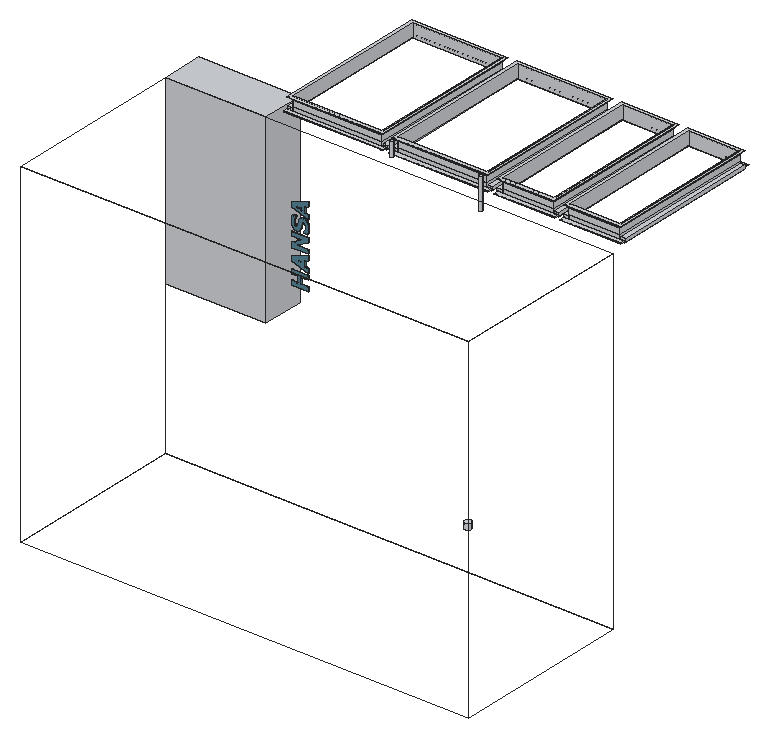
Revit family "KL-P-034-iK-R", category HLS-Bauteile, Revit 2020
Family settings
  Bemaßung runder Anschluss = Durchmesser verwenden
  Klassifizierung = Keine
  Teiletyp = Normal
  Arbeitsebenenbasiert = Nein
  Immer vertikal = Ja
  Beim Laden mit Abzugskörper schneiden = Nein
  Gemeinsam genutzt = Nein
  Raumberechnungspunkt = Nein
Parameters
  Zuluftbreite [instance] = 530 mm  # constant formula
  Vorgabe-Ansicht = 0 mm
  TyS [instance] = size_lookup("TyS_Hansa_KL_P", "", "ND", RLT_Serie, Gehaeuserichtung, Gehaeuseausfuehrung, RLT_MSR_KZ)  # "KL-P-034-iK-R-eCS"
  Schaltschrankbreite [instance] = 600 mm
  Schaltschrank_montiert [instance] = yes
  SSaG [instance] = and(or(Regelung SAIA, Regelung OJ), Schaltschrank_montiert)  # yes
  Regelung SAIA [instance] = yes
  Regelung OJ [instance] = no
  RLT_Volumenstrom_max = 3400 m³/h  # constant formula
  RLT_Volumenstrom_Unit_2 [instance] = 3400 m³/h
  RLT_Volumenstrom_Unit_1 [instance] = 3400 m³/h
  RLT_Typenschlüssel [instance] = TyS  # "KL-P-034-iK-R-eCS"
  RLT_Serie = "KL-P-034-iK"  # constant formula
  RLT_Material_außen [instance] = Stahlblech verzinkt + RAL 9002
  RLT_MSR_KZ [instance] = if(Regelung SAIA, "eCS", if(Regelung OJ, "eCO", "-"))  # "eCS"
  RLT_Länge [instance] = L  # 2070 mm
  RLT_Höhe = H  # 1890 mm
  RLT_Gewicht [instance] = size_lookup("TD_Hansa_KL_P", "Gewicht", 0 mm, TyS) / 1 mm * 1.00 kg  # 0.00 kg
  RLT_Breite = B  # 1080 mm
  Modell = "KL-P-034-iK-R"  # constant formula
  L2 = 790 mm  # constant formula
  L1 = 1280 mm  # constant formula
  L = L1 + L2  # 2070 mm
  Kanaltiefe [instance] = RLT_Breite - 190 mm  # 890 mm
  Hersteller = "Hansa"  # constant formula
  H = 1890 mm  # constant formula
  GeräteOK [instance] = H + Fuß  # 2010 mm
  Gehaeuserichtung [instance] = "R"  # constant formula
  Gehaeuseausfuehrung [instance] = "ungeteilt"  # constant formula
  GD_Spannung [instance] = 230 V
  GD_Phasen [instance] = 1
  GD_Nennstrom [instance] = 0 A
  GD_Anschlussleistung [instance] = 0 W
  Fuß [instance] = 120 mm  # constant formula
  Fortluftbreite = 300 mm  # constant formula
  Bedienzone [instance] = yes
  Baugruppe [instance] = "RLT-Gerät"  # constant formula
  BZl [instance] = if(and(or(Regelung SAIA, Regelung OJ), Schaltschrank_montiert), L + Schaltschrankbreite, L)  # 2670 mm
  B = 1080 mm  # constant formula
  Außenluftbreite = 300 mm  # constant formula
  Abluftbreite [instance] = 530 mm  # constant formula
Reference planes
  plane 1 "Mitte (Vorne/hinten)": y = 0
  plane 2: z = 0
  plane 3 "Mitte (Links/rechts)": x = 0
  plane 4: x = -1035
  plane 5: x = 1035
  plane 6 "GV": y = -540
  plane 7 "GH": y = 540
  plane 8 "OKG": z = 2010
  plane 9: y = 477.5
  plane 10: y = -312.5
  plane 11: x = -972.5
  plane 12: x = 972.5
  plane 13: x = -442.5
  plane 14: x = -347.5
  plane 15: x = 182.5
  plane 16: x = 672.5
  plane 17: x = 577.5
  plane 18: x = 277.5
  plane 19: z = 2090
  plane 20 "UKG": z = 120
  plane 21: y = -290
  plane 22: y = -330
  plane 23: z = 90
  plane 24: y = -464
  plane 25: x = 245
  plane 26: y = -1620
  plane 27: x = -1635
Forms (mm)
  Extrusion 1, solid, visible <- "SSaG"
    sketch origin (-61.559, 0, -70) x (1, 0, 0) y (0, 0, 1)
      loop
        line (-1573.441, 2080) -> (-1573.441, 980) -> (-973.441, 980) -> (-973.441, 2080) -> (-1573.441, 2080)
    from 540 to 290
  Extrusion 2, solid
    sketch origin (0, 0, 0) x (1, 0, 0) y (0, 1, 0)
      loop
        circle (0, -330) r 20
    from 120 to 90
  Extrusion 3, solid, material "Glas - klar", visible <- "Bedienzone"
    sketch origin (-600, 0, 0) x (1, 0, 0) y (0, 1, 0)
      loop
        line (-1035, -540) -> (-1035, -1620) -> (1635, -1620) -> (1635, -540) -> (-1035, -540)
    from 2010 to 0
  Extrusion 4, solid
    sketch origin (0, 0, 0) x (1, 0, 0) y (0, 1, 0)
      loop
        circle (-347.5, -464) r 10
    from 2090 to 2010
  Extrusion 5, solid
    sketch origin (0, 0, 0) x (1, 0, 0) y (0, 1, 0)
      loop
        circle (182.5, -464) r 10
    from 2090 to 1910
Dimensions and locks
  equal spacing: plane 4, plane 3 "Mitte (Links/rechts)", plane 5
  "L": plane 4 to plane 5
  "B": plane 7 "GH" to plane 6 "GV"
  locked: plane 7 "GH" to plane 9 at 62.5
  locked: plane 4 to plane 11 at 62.5
  locked: plane 12 to plane 5 at 62.5
  "Abluftbreite": plane 11 to plane 13
  locked: plane 13 to plane 14 at 95
  "Zuluftbreite": plane 14 to plane 15
  "Fortluftbreite": plane 16 to plane 12
  locked: plane 17 to plane 16 at 95
  "Außenluftbreite": plane 18 to plane 17
  plane 15 to plane 18 = 95 mm
  locked: nested 3 to plane 16 at 95
  "Fuß": plane 20 "UKG" to level
  plane 19 to plane 8 "OKG" = 80 mm
  locked: plane 4 to nested 1 at 62.5
  locked: plane 13 to nested 2 at 95
  locked: nested 4 to plane 5 at 62.5
  plane 5 to Extrusion 1 = 2070 mm
  "RLT_Höhe": plane 8 "OKG" to plane 20 "UKG"
  equal spacing: plane 7 "GH", plane 1 "Mitte (Vorne/hinten)", plane 6 "GV"
  locked: plane 6 "GV" to plane 21 at 250
  locked: plane 6 "GV" to plane 22 at 210
  plane 20 "UKG" to plane 23 = 30 mm
  locked: plane 24 to plane 6 "GV" at 76
  "L1": plane 4 to plane 25
  "B": plane 26 to plane 6 "GV"
  "BZl": Extrusion 3 to Extrusion 3
  "Schaltschrankbreite": plane 27 to plane 4
  plane 18 to plane 15 = 95 mm
  aligned and locked: level to plane 2
  aligned and locked: plane 8 "OKG" to Extrusion 1
  aligned and locked: Extrusion 1 to plane 6 "GV"
  aligned and locked: plane 21 to Extrusion 1
  aligned and locked: plane 20 "UKG" to Extrusion 2
  aligned and locked: Extrusion 2 to plane 23
  aligned and locked: Extrusion 3 to plane 6 "GV"
  aligned and locked: Extrusion 3 to plane 26
  aligned and locked: plane 8 "OKG" to Extrusion 3
  aligned and locked: Extrusion 1 to plane 4
  aligned and locked: plane 19 to Extrusion 4
  aligned and locked: Extrusion 4 to plane 8 "OKG"
  aligned and locked: plane 19 to Extrusion 5
  aligned and locked: Extrusion 1 to Extrusion 3
  aligned and locked: plane 7 "GH" to nested 6
  aligned and locked: plane 4 to nested 6
Automatic sketch dimensions
  Extrusion 1 sketch curve to plane 5 = 2670 mm
  Extrusion 1 sketch curve to plane 8 "OKG" = 0 mm
  Extrusion 1 sketch curve to plane 5 = 2070 mm
  plane 20 "UKG" to Extrusion 1 sketch curve = 790 mm
  Extrusion 2 sketch curve to plane 3 "Mitte (Links/rechts)" = 0 mm
  Extrusion 2 sketch curve to plane 22 = 0 mm
  plane 4 to Extrusion 3 sketch curve = 600 mm
  Extrusion 3 sketch curve to plane 5 = 0 mm
  Extrusion 3 sketch curve to plane 26 = 0 mm
  plane 6 "GV" to Extrusion 3 sketch curve = 0 mm
  Extrusion 4 sketch curve to plane 14 = 0 mm
  Extrusion 4 sketch curve to plane 24 = 0 mm
  Extrusion 5 sketch curve to plane 15 = 0 mm
  Extrusion 5 sketch curve to plane 24 = 0 mm
  radius of Extrusion 2 sketch curve = 20 mm
  radius of Extrusion 4 sketch curve = 10 mm
  radius of Extrusion 5 sketch curve = 10 mm
Nested families
  nested 1: "Kanalstutzen" at (-707.5, 29.209, 2010) x (1, 0, 0) z (0, -1, 0), 2570_EST_Breite <- "Abluftbreite", 2571_EST_Höhe <- "Kanaltiefe", built-in parameter 1001360 <- "GeräteOK", type "Kanalstutzen"
    with Tiefe 80 mm, RahmenG2 20 mm, RahmenG1 30 mm, Höhe 890 mm, Breite 530 mm, 2572_EST_Tiefe 80 mm, 2571_EST_Höhe 890 mm, 2570_EST_Breite 530 mm, 1966_EST_Rahmentyp ""
  nested 2: "Kanalstutzen" at (-82.5, 29.209, 2010) x (1, 0, 0) z (0, -1, 0), 2570_EST_Breite <- "Zuluftbreite", 2571_EST_Höhe <- "Kanaltiefe", built-in parameter 1001360 <- "GeräteOK", type "Kanalstutzen"
    with Tiefe 80 mm, RahmenG2 20 mm, RahmenG1 30 mm, Höhe 890 mm, Breite 530 mm, 2572_EST_Tiefe 80 mm, 2571_EST_Höhe 890 mm, 2570_EST_Breite 530 mm, 1966_EST_Rahmentyp ""
  nested 3: "Kanalstutzen" at (427.5, 29.209, 2010) x (1, 0, 0) z (0, -1, 0), 2570_EST_Breite <- "Außenluftbreite", 2571_EST_Höhe <- "Kanaltiefe", built-in parameter 1001360 <- "GeräteOK", type "Kanalstutzen"
    with Tiefe 80 mm, RahmenG2 20 mm, RahmenG1 30 mm, Höhe 890 mm, Breite 300 mm, 2572_EST_Tiefe 80 mm, 2571_EST_Höhe 890 mm, 2570_EST_Breite 300 mm, 1966_EST_Rahmentyp ""
  nested 4: "Kanalstutzen" at (822.5, 29.209, 2010) x (1, 0, 0) z (0, -1, 0), 2570_EST_Breite <- "Fortluftbreite", 2571_EST_Höhe <- "Kanaltiefe", built-in parameter 1001360 <- "GeräteOK", type "Kanalstutzen"
    with Tiefe 80 mm, RahmenG2 20 mm, RahmenG1 30 mm, Höhe 890 mm, Breite 300 mm, 2572_EST_Tiefe 80 mm, 2571_EST_Höhe 890 mm, 2570_EST_Breite 300 mm, 1966_EST_Rahmentyp ""
  nested 5: "Hansa_Aufkleber_klein" at (-780, -540, 1390) x (0, 0, 1) z (0, -1, 0), type "Hansa_Aufkleber_klein"
  nested 6: "P-034-R_ipt" at (0, 0, 0), type "Norm"
Connectors
  hvac at (-707.5, 29.209, 2089), driven by "RLT_Volumenstrom_Unit_2", driven by "Abluftbreite", driven by "Kanaltiefe"
    settings: on nested 1, index 1, duct flow 3400 m³/h, flow factor 0, pres drop 0.0 Pa, loss coef 0, conn angle 0.00°, conn width 530 mm, conn height 890 mm, conn diameter 609.6 mm, duct sys type 2, conn prof type 1, flow config 0, flow direction 1, loss method 0, conn ref index -1, conn util no, is conn primary yes, conn desc ""
  hvac at (-82.5, 29.209, 2089), driven by "RLT_Volumenstrom_Unit_1", driven by "Zuluftbreite", driven by "Kanaltiefe"
    settings: on nested 2, index 2, duct flow 3400 m³/h, flow factor 0, pres drop 0.0 Pa, loss coef 0, conn angle 0.00°, conn width 530 mm, conn height 890 mm, conn diameter 609.6 mm, duct sys type 1, conn prof type 1, flow config 0, flow direction 2, loss method 0, conn ref index -1, conn util no, is conn primary no, conn desc ""
  hvac at (427.5, 29.209, 2089), driven by "RLT_Volumenstrom_Unit_1", driven by "Außenluftbreite", driven by "Kanaltiefe"
    settings: on nested 3, index 3, duct flow 3400 m³/h, flow factor 0, pres drop 0.0 Pa, loss coef 0, conn angle 0.00°, conn width 300 mm, conn height 890 mm, conn diameter 609.6 mm, duct sys type 1, conn prof type 1, flow config 0, flow direction 1, loss method 0, conn ref index -1, conn util no, is conn primary no, conn desc ""
  hvac at (822.5, 29.209, 2089), driven by "RLT_Volumenstrom_Unit_2", driven by "Fortluftbreite", driven by "Kanaltiefe"
    settings: on nested 4, index 4, duct flow 3400 m³/h, flow factor 0, pres drop 0.0 Pa, loss coef 0, conn angle 0.00°, conn width 300 mm, conn height 890 mm, conn diameter 609.6 mm, duct sys type 3, conn prof type 1, flow config 1, flow direction 2, loss method 0, conn ref index -1, conn util no, is conn primary no, conn desc ""
  piping at (0, -330, 90), diameter 40
    settings: on Extrusion 2, index 5, connector inside diameter 609.6 mm, connector length 0 mm, flow factor 0, pipe flow 0.0 L/s, pressure drop 0.0 Pa, fitting loss kfactor 0, connector angle 0.00°, fixture units 0, engagement length 0 mm, angle of deflection 0.00°, flow configuration 0, flow direction 2, fitting loss method 0, system type 16, joint type 0, gender type 0, connector reference index -1, connector utility 0, adjustable connector no, is connector primary yes, connector description ""
  piping at (-347.5, -464, 2090), diameter 20
    settings: on Extrusion 4, index 6, connector inside diameter 609.6 mm, connector length 0 mm, flow factor 0, pipe flow 0.0 L/s, pressure drop 0.0 Pa, fitting loss kfactor 0, connector angle 0.00°, fixture units 0, engagement length 0 mm, angle of deflection 0.00°, flow configuration 0, flow direction 0, fitting loss method 0, system type 19, joint type 0, gender type 0, connector reference index -1, connector utility 0, adjustable connector no, is connector primary no, connector description ""
  piping at (182.5, -464, 2090), diameter 20
    settings: on Extrusion 5, index 7, connector inside diameter 609.6 mm, connector length 0 mm, flow factor 0, pipe flow 0.0 L/s, pressure drop 0.0 Pa, fitting loss kfactor 0, connector angle 0.00°, fixture units 0, engagement length 0 mm, angle of deflection 0.00°, flow configuration 0, flow direction 0, fitting loss method 0, system type 19, joint type 0, gender type 0, connector reference index -1, connector utility 0, adjustable connector no, is connector primary no, connector description ""
Definition of nested family "Kanalstutzen"
  Parameters (values of type "Kanalstutzen")
    Default Elevation = 0 mm
    Tiefe [instance] = [2572_EST_Tiefe]  # 80 mm
    RahmenG2 [instance] = 20 mm
    RahmenG1 [instance] = 30 mm
    Höhe [instance] = [2571_EST_Höhe]  # 500 mm
    Manufacturer = "Hansa"
    Breite [instance] = [2570_EST_Breite]  # 1000 mm
    Description = "Durchbruchsverkleidung"
    2572_EST_Tiefe [instance] = 80 mm
    2571_EST_Höhe [instance] = 500 mm
    2570_EST_Breite [instance] = 1000 mm
    1966_EST_Rahmentyp [instance] = ""
  Reference planes
    plane 1 "Mitte (Vorne/hinten)": y = 0
    plane 2: z = 0
    plane 3 "Mitte (Links/rechts)": x = 0
    plane 4: x = -500
    plane 5: x = 500
    plane 6 "hinten": y = 80
    plane 7: z = 250
    plane 8: z = -250
    plane 9 "R1links": x = -530
    plane 10 "R1rechts": x = 530
    plane 11 "R2links": x = -520
    plane 12 "R2rechts": x = 520
    plane 13 "R1oben": z = 280
    plane 14 "R1unten": z = -280
    plane 15: z = -270
    plane 16: z = 270
  Forms (mm)
    Sweep 1, solid
      path origin (0, 0, 0) x (1, 0, 0) y (0, 0, 1)
        loop
          line (-500, 250) -> (-500, -250) -> (500, -250) -> (500, 250) -> (-500, 250)
      profile origin (0, 0, 250) x (0, 0, 1) y (0, -1, 0)
        loop
          line (0, -40) -> (0, -80) -> (20, -80) -> (20, -79) -> (1.999, -79) -> (1.999, -59) -> (0.962, -59) -> (0.962, -21.406) -> (1.999, -21.406) -> (1.999, -1.406) -> (30, -1.406) -> (30, 0) -> (0, 0) -> (0, -40)
  Dimensions and locks
    equal spacing: plane 4, plane 3 "Mitte (Links/rechts)", plane 5
    "Breite": plane 4 to plane 5
    equal spacing: plane 7, level, plane 8
    "Höhe": plane 7 to plane 8
    "RahmenG1": plane 9 "R1links" to plane 4
    "RahmenG1": plane 5 to plane 10 "R1rechts"
    "RahmenG2": plane 11 "R2links" to plane 4
    "RahmenG2": plane 5 to plane 12 "R2rechts"
    "RahmenG1": plane 13 "R1oben" to plane 7
    "RahmenG1": plane 8 to plane 14 "R1unten"
    "RahmenG2": plane 16 to plane 7
    "RahmenG2": plane 8 to plane 15
    Sweep 1 sketch curve to Sweep 1 sketch curve = 1.406 mm
    Sweep 1 sketch curve to Sweep 1 sketch curve = 1 mm
    Sweep 1 sketch curve to Sweep 1 sketch curve = 0.962 mm
    "2572_EST_Tiefe": plane 6 "hinten" to plane 1 "Mitte (Vorne/hinten)"
    aligned and locked: level to plane 2
    aligned and locked: plane 16 to Sweep 1 sketch curve
    aligned and locked: plane 13 "R1oben" to Sweep 1 sketch curve
    aligned and locked: plane 1 "Mitte (Vorne/hinten)" to Sweep 1
    aligned and locked: plane 1 "Mitte (Vorne/hinten)" to nested 1
    aligned and locked: nested 1 to plane 10 "R1rechts"
    aligned and locked: nested 2 to plane 9 "R1links"
    aligned and locked: plane 8 to nested 2
    aligned and locked: nested 1 to plane 8
  Automatic sketch dimensions
    plane 4 to Sweep 1 sketch curve = 0 mm
    plane 5 to Sweep 1 sketch curve = 0 mm
    Sweep 1 sketch curve to plane 8 = 0 mm
    Sweep 1 sketch curve to plane 7 = 0 mm
    Sweep 1 sketch curve to plane 1 "Mitte (Vorne/hinten)" = 0 mm
    profile plane to Sweep 1 sketch curve = 0 mm
    Sweep 1 sketch curve to profile plane = 1.999 mm  (x2)
    Sweep 1 sketch curve to Sweep 1 sketch curve = 20 mm  (x2)
    Sweep 1 sketch curve to Sweep 1 sketch curve = 18.594 mm
    Sweep 1 sketch curve to Sweep 1 sketch curve = 19 mm
  Nested families
    nested 1: "EGJK30" at (520, 0, -250), L <- "Höhe", type "EGJK30"
      with L 500 mm
    nested 2: "EGJK30" at (-520, 0, -250) x (-1, 0, 0) z (0, 0, 1), L <- "Höhe", type "EGJK30"
      with L 500 mm
  Definition of nested family "EGJK30"
    Parameters (values of type "EGJK30")
      Default Elevation = 0 mm
      L [instance] = 1000 mm
    Reference planes
      plane 1 "Mitte (Vorne/hinten)": y = 0
      plane 2: z = 0
      plane 3 "Mitte (Links/rechts)": x = 0
    Forms (mm)
      Extrusion 1, solid
        sketch origin (16.67, -35.46, 0) x (1, 0, 0) y (0, 1, 0)
          loop
            line (-26.67, 25.46) -> (-6.67, 25.46) -> (-6.67, 30.46) -> (-1.67, 30.46) -> (-1.67, 50.46) -> (-34.67, 50.46) -> (-34.67, 38.46) -> (-5.67, 38.46) -> (-5.67, 35.46) -> (-25.67, 35.46) -> (-25.67, 36.96) -> (-34.67, 36.96) -> (-34.67, 33.96) -> (-26.67, 25.46)
        from 0 to 1000
    Dimensions and locks
      "L": Extrusion 1 to Extrusion 1
      aligned and locked: level to plane 2
    Automatic sketch dimensions
      plane 1 "Mitte (Vorne/hinten)" to Extrusion 1 sketch curve = 0 mm
      Extrusion 1 sketch curve to plane 3 "Mitte (Links/rechts)" = 18 mm
      plane 1 "Mitte (Vorne/hinten)" to Extrusion 1 sketch curve = 1.5 mm
      Extrusion 1 sketch curve to Extrusion 1 sketch curve = 0 mm
      Extrusion 1 sketch curve to plane 3 "Mitte (Links/rechts)" = 10 mm
      Extrusion 1 sketch curve to plane 3 "Mitte (Links/rechts)" = 9 mm
      plane 1 "Mitte (Vorne/hinten)" to Extrusion 1 sketch curve = 5 mm
      plane 3 "Mitte (Links/rechts)" to Extrusion 1 sketch curve = 10 mm
      Extrusion 1 sketch curve to Extrusion 1 sketch curve = 1 mm
      Extrusion 1 sketch curve to Extrusion 1 sketch curve = 5 mm
      plane 1 "Mitte (Vorne/hinten)" to Extrusion 1 sketch curve = 10 mm
      Extrusion 1 sketch curve to plane 1 "Mitte (Vorne/hinten)" = 1.5 mm
      Extrusion 1 sketch curve to Extrusion 1 sketch curve = 1.5 mm
      Extrusion 1 sketch curve to Extrusion 1 sketch curve = 12 mm
Definition of nested family "Hansa_Aufkleber_klein"
  Parameters (values of type "Hansa_Aufkleber_klein")
    Default Elevation = 1219.2 mm
  Reference planes
    plane 1 "Mitte (Vorne/hinten)": y = 0
    plane 2: z = 0
    plane 3 "Mitte (Links/rechts)": x = 0
  Forms (mm)
    Extrusion 1, solid, detail levels medium+fine
      sketch origin (6.994, -10.767, 0) x (1, 0, 0) y (0, 1, 0)
        loop
          line (-226.694, 10.767) -> (-201.573, 10.767) -> (-201.573, 55.095) -> (-167.456, 55.095) -> (-167.456, 10.767) -> (-142.335, 10.767) -> (-142.335, 110.767) -> (-167.456, 110.767) -> (-167.456, 74.138) -> (-201.573, 74.138) -> (-201.573, 110.767) -> (-226.694, 110.767) -> (-226.694, 10.767)
        loop
          line (202.074, 82.404) -> (191.782, 49.341) -> (212.284, 49.341) -> (202.074, 82.404)
        loop
          line (188.703, 110.767) -> (154.91, 10.767) -> (180.032, 10.767) -> (186.353, 31.189) -> (217.795, 31.189) -> (224.035, 10.767) -> (249.886, 10.767) -> (216.093, 110.767) -> (188.703, 110.767)
        loop
          line (34.084, 10.767) -> (58.233, 10.767) -> (58.233, 110.767) -> (35.299, 110.767) -> (35.299, 53.474) -> (3.37, 110.767) -> (-27.424, 110.767) -> (-27.424, 10.767) -> (-4.49, 10.767) -> (-4.49, 80.459) -> (34.084, 10.767)
        loop
          line (-85.203, 82.404) -> (-95.495, 49.341) -> (-74.993, 49.341) -> (-85.203, 82.404)
        loop
          line (-98.575, 110.767) -> (-132.367, 10.767) -> (-107.245, 10.767) -> (-100.925, 31.189) -> (-69.482, 31.189) -> (-63.242, 10.767) -> (-37.391, 10.767) -> (-71.184, 110.767) -> (-98.575, 110.767)
        loop
          line (73.143, 16.683) -> (80.903, 13.695) -> (89.27, 11.213) -> (93.783, 10.238) -> (98.65, 9.542) -> (103.872, 9.124) -> (109.448, 8.984) -> (114.303, 9.126) -> (118.902, 9.552) -> (123.243, 10.261) -> (127.327, 11.253) -> (131.154, 12.53) -> (134.724, 14.09) -> (138.037, 15.933) -> (141.093, 18.061) -> (143.838, 20.421) -> (146.216, 22.963) -> (148.229, 25.688) -> (149.876, 28.595) -> (151.156, 31.685) -> (152.071, 34.957) -> (152.62, 38.411) -> (152.803, 42.048) -> (152.724, 44.578) -> (152.487, 46.981) -> (152.091, 49.257) -> (151.537, 51.407) -> (150.825, 53.431) -> (149.954, 55.328) -> (148.925, 57.098) -> (147.738, 58.741) -> (144.874, 61.745) -> (141.346, 64.434) -> (137.155, 66.81) -> (132.301, 68.871) -> (127.124, 70.542) -> (122.293, 71.829) -> (112.609, 74.057) -> (109.035, 74.977) -> (106.095, 75.952) -> (103.788, 76.982) -> (102.114, 78.069) -> (100.927, 79.287) -> (100.078, 80.713) -> (99.569, 82.346) -> (99.4, 84.187) -> (99.506, 85.453) -> (99.825, 86.659) -> (100.357, 87.803) -> (101.101, 88.887) -> (102.965, 90.731) -> (105.153, 92.048) -> (107.99, 93.142) -> (110.664, 93.83) -> (113.439, 94.195) -> (116.579, 94.317) -> (120.768, 94.112) -> (124.906, 93.496) -> (128.993, 92.471) -> (133.03, 91.035) -> (136.889, 89.3) -> (140.445, 87.378) -> (143.697, 85.268) -> (146.644, 82.971) -> (148.832, 82.971) -> (148.832, 105.824) -> (145.231, 107.285) -> (141.397, 108.589) -> (137.33, 109.737) -> (133.03, 110.727) -> (128.608, 111.524) -> (124.177, 112.094) -> (119.735, 112.436) -> (115.283, 112.55) -> (110.919, 112.414) -> (106.741, 112.006) -> (102.749, 111.325) -> (98.944, 110.372) -> (95.324, 109.147) -> (91.891, 107.65) -> (88.644, 105.88) -> (85.583, 103.839) -> (82.8, 101.578) -> (80.389, 99.151) -> (78.348, 96.559) -> (76.679, 93.8) -> (75.38, 90.876) -> (74.453, 87.786) -> (73.896, 84.53) -> (73.711, 81.108) -> (74.025, 76.136) -> (74.967, 71.596) -> (76.537, 67.486) -> (78.735, 63.806) -> (80.094, 62.119) -> (81.657, 60.522) -> (83.426, 59.014) -> (85.4, 57.597) -> (87.58, 56.269) -> (89.964, 55.031) -> (92.553, 53.884) -> (95.348, 52.826) -> (100.625, 51.195) -> (106.247, 49.868) -> (111.869, 48.642) -> (117.147, 47.315) -> (119.104, 46.707) -> (120.925, 45.937) -> (122.609, 45.006) -> (124.156, 43.912) -> (125.451, 42.645) -> (126.375, 41.197) -> (126.929, 39.566) -> (127.114, 37.753) -> (127, 36.17) -> (126.658, 34.744) -> (126.089, 33.475) -> (125.291, 32.364) -> (123.275, 30.53) -> (120.874, 29.163) -> (118.413, 28.312) -> (115.242, 27.704) -> (112.052, 27.339) -> (109.529, 27.218) -> (105.242, 27.433) -> (100.889, 28.079) -> (96.47, 29.155) -> (91.985, 30.662) -> (87.561, 32.569) -> (83.324, 34.845) -> (79.274, 37.492) -> (75.413, 40.508) -> (73.143, 40.508) -> (73.143, 16.683)
      from 0 to 2
  Dimensions and locks
    aligned and locked: level to plane 2
Definition of nested family "P-034-R_ipt"
  Parameters (values of type "Norm")
    Default Elevation = 0 mm
  Reference planes
    plane 1 "Mitte (Vorne/Hinten)": y = 0
    plane 2: z = 0
    plane 3 "Mitte (Links/Rechts)": x = 0
  Dimensions and locks
    aligned and locked: level to plane 2
